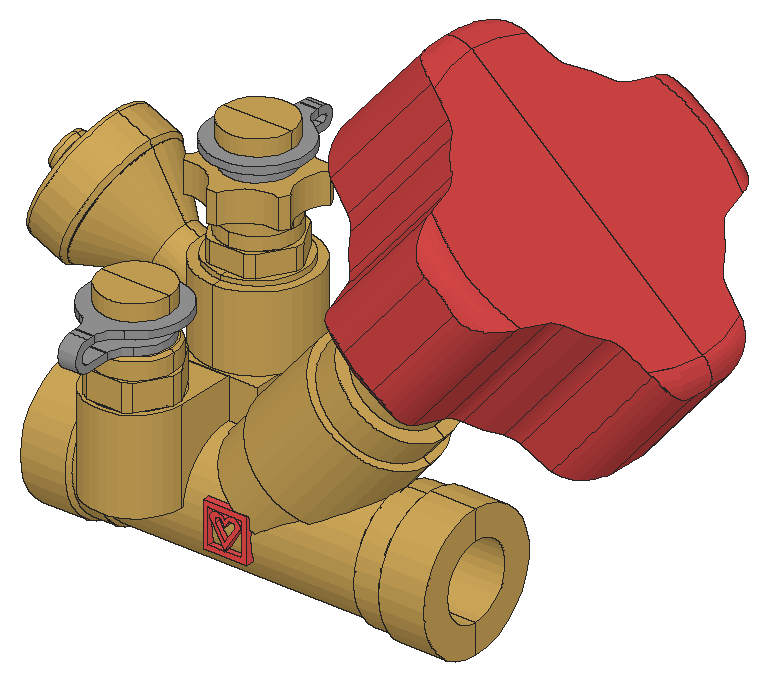
Revit family "HERZ Strömax Commissioning Valve With Integral Fixed orifice Plate 4017 ML (LF-MF)", category Rohrzubehör, Revit 2021
Family settings
  Bemaßung runder Anschluss = Durchmesser verwenden
  Teiletyp = Unterbricht
  OmniClass-Nummer = 23.65.55.14
  OmniClass-Titel = Valves for Liquid Services
  Arbeitsebenenbasiert = Nein
  Immer vertikal = Ja
  Beim Laden mit Abzugskörper schneiden = Nein
  Gemeinsam genutzt = Nein
Parameters (values of type "MF")
  kvs-value [instance] = if(and(Nennweite = 15.000 mm, LF), 0.46, if(and(Nennweite = 15.000 mm, MF), 0.88, 0))  # 0.88
  kv-value of orifice [instance] = if(and(Nennweite = 15.000 mm, LF), 0.48, if(and(Nennweite = 15.000 mm, MF), 0.97, 0))  # 0.97
  W01 = 50.00°  # constant formula
  Vorgabe-Ansicht = 0.000 mm
  URL = "www.herzvalves.com"
  SW01 = 60.00°  # constant formula
  SCRNSEQ = "ARM;ARM_TYP=\"STRV\";2"
  SCRNCODE = "05;07;02"  # constant formula
  S03 = 60.000 mm  # constant formula
  S02 [instance] = L04 + L06 + L07  # 76.800 mm
  S01 [instance] = D01 * 2  # 27.000 mm
  R03 = 21.500 mm  # constant formula
  R02 = 9.500 mm  # constant formula
  R01 = 12.000 mm  # constant formula
  Part number [instance] = if(and(Nennweite = 15.000 mm, LF), 1401730, if(and(Nennweite = 15.000 mm, MF), 1401739, 0))  # 1401739
  Model = "STRÖMAX 4017 ML, commissioning valve in Y pattern with an orifice plate and an connection for impulse line for differential pressure measurement, with test points:\r\nDZR brass, female threaded ends, non-rising stem sealed with Triple-O-Ring, presetting through stroke limiting, handwhell with presetting digital display."
  Medium = "Water purity in accordance with the OeNORM H5195 and VDI 2035 standards.\r\nEthylene and propylene glycol can be mixed to a ratio of 25 - 50 vol. %."
  Max. operating temperature = 130 °C  # constant formula
  Max. operating pressure = 2000000.0 Pa  # constant formula
  Max. differential pressure at closed valve = 1000000.0 Pa  # constant formula
  MF = yes
  LF = no
  L10 [instance] = size_lookup("4017_ML_", "L10", 1.000 mm, Nennweite)  # 28.500 mm
  L09 [instance] = size_lookup("4017_ML_", "L9", 1.000 mm, Nennweite)  # 22.500 mm
  L08 [instance] = size_lookup("4017_ML_", "L8", 1.000 mm, Nennweite)  # 12.700 mm
  L07 [instance] = size_lookup("4017_ML_", "L7", 1.000 mm, Nennweite)  # 35.100 mm
  L06 [instance] = size_lookup("4017_ML_", "L6", 1.000 mm, Nennweite)  # 6.500 mm
  L05 [instance] = size_lookup("4017_ML_", "L5", 1.000 mm, Nennweite)  # 20.200 mm
  L04 [instance] = size_lookup("4017_ML_", "L4", 1.000 mm, Nennweite)  # 35.200 mm
  L03 [instance] = size_lookup("4017_ML_", "L3", 1.000 mm, Nennweite)  # 1.000 mm
  H03 [instance] = H01 - 19.000 mm  # 1.000 mm
  H02 = 13.000 mm  # constant formula
  Field of application = "Can be used as isolating and commissioning valve."
  E01 [instance] = L00 / -2  # -41.500 mm
  E00 = 0.000 mm  # constant formula
  D09 [instance] = size_lookup("4017_ML_", "D9", 1.000 mm, Nennweite)  # 11.750 mm
  D08 [instance] = size_lookup("4017_ML_", "D8", 1.000 mm, Nennweite)  # 9.500 mm
  D07 [instance] = size_lookup("4017_ML_", "D7", 1.000 mm, Nennweite)  # 12.000 mm
  D06 [instance] = size_lookup("4017_ML_", "D6", 1.000 mm, Nennweite)  # 13.500 mm
  D05 [instance] = size_lookup("4017_ML_", "D5", 1.000 mm, Nennweite)  # 12.500 mm
  D04 [instance] = Nennweite / 2  # 7.500 mm
  IG [instance] = Nennweite / 2  # 7.500 mm
  D03 [instance] = size_lookup("4017_ML_", "D3", 1.000 mm, Nennweite)  # 11.900 mm
  D02 [instance] = size_lookup("4017_ML_", "D2", 1.000 mm, Nennweite)  # 12.700 mm
  D01 [instance] = size_lookup("4017_ML_", "D1", 1.000 mm, Nennweite)  # 13.500 mm
  Nennweite [instance] = 15.000 mm  # constant formula
  L02 [instance] = size_lookup("4017_ML_", "L2", 1.000 mm, Nennweite)  # 5.000 mm
  L01 [instance] = size_lookup("4017_ML_", "L1", 1.000 mm, Nennweite)  # 9.250 mm
  L00 [instance] = size_lookup("4017_ML_", "L", 1.000 mm, Nennweite)  # 83.000 mm
  Hersteller = "HERZ Armaturen Ges.m.b.H."  # constant formula
  H01 [instance] = size_lookup("4017_ML_", "H1", 1.000 mm, Nennweite)  # 20.000 mm
  GT [instance] = size_lookup("4017_ML_", "GT", 1.000 mm, Nennweite)  # 13.200 mm
  DN50 [instance] = Nennweite = 50.000 mm  # no
  DN40 [instance] = Nennweite = 40.000 mm  # no
  DN32 [instance] = Nennweite = 32.000 mm  # no
  DN25 [instance] = Nennweite = 25.000 mm  # no
  DN20 [instance] = Nennweite = 20.000 mm  # no
  DN15 [instance] = Nennweite = 15.000 mm  # yes
  Body = "DZR brass"  # constant formula
Types (3, lengths in mm): name | kvs-value | kv-value of orifice | Part number | MF | LF
  (no name) | 0.88 | 0.97 | 1401739 | yes | no
  LF | 0.46 | 0.48 | 1401730 | no | yes
  MF | 0.88 | 0.97 | 1401739 | yes | no
Reference planes
  plane 1 "Mitte (Vorne/hinten)": y = 0
  plane 2: z = 0
  plane 3 "Mitte (Links/rechts)": x = 0
Forms (mm)
  Revolve 1, solid, material "Messing, weicher Gelbton, geschweißt", detail levels fine
    sketch origin (470, 0, 0) x (1, 0, 0) y (0, 0, 1)
      loop
        line (-511.5, 7.5) -> (-498.3, 7.5) -> (-498.3, 0) -> (-441.7, 0) -> (-441.7, 7.5) -> (-428.5, 7.5) -> (-428.5, 13.5) -> (-437.75, 13.5) -> (-438.421, 12.7) -> (-443.421, 12.7) -> (-444.093, 11.9) -> (-495.907, 11.9) -> (-496.579, 12.7) -> (-501.579, 12.7) -> (-502.25, 13.5) -> (-511.5, 13.5) -> (-511.5, 7.5)
      axis (-511.5, 0) -> (-428.5, 0)
    angle from 0 to 360
  Revolve 2, solid, material "Messing, weicher Gelbton, geschweißt", detail levels fine
    sketch origin (0.32, 0, -0.105) x (1, 0, 0) y (0, 0, 1)
      loop
        line (-1.32, 0.105) -> (48.046, 58.937) -> (39.045, 66.49) -> (30.882, 56.761) -> (32.605, 55.315) -> (18.207, 38.155) -> (16.292, 39.762) -> (12.114, 34.783) -> (10.964, 35.747) -> (-2.02, 20.273) -> (-1.254, 19.63) -> (-7.652, 12.005) -> (-7.065, 4.926) -> (-1.32, 0.105)
      axis (-1.32, 0.105) -> (48.046, 58.937)
    angle from 0 to 360
  Extrusion 3, solid, material "Messing, weicher Gelbton, geschweißt", detail levels fine
    sketch origin (0, 0, 0) x (1, 0, 0) y (0, 1, 0)
      loop
        arc (-28.5, -12) -> (-19, -21.5) -> (-9.5, -12) r 9.5
        line (-9.5, -12) -> (-9.5, 0) -> (-28.5, 0) -> (-28.5, -12)
    from 1 <- "H03" to 20 <- "H01"
  Extrusion 4, solid, material "Messing, weicher Gelbton, geschweißt", detail levels fine
    sketch origin (0, 0, 0) x (1, 0, 0) y (0, 1, 0)
      loop
        line (-22.5, 12) -> (-22.5, 0) -> (-3.5, 0) -> (-3.5, 12)
        arc (-3.5, 12) -> (-13, 21.5) -> (-22.5, 12) r 9.5
    from 0 to 20 <- "H01"
  Extrusion 5, void
    sketch origin (0, 0, 0) x (1, 0, 0) y (0, 0, 1)
      loop
        line (55, 0) -> (80, 0) -> (80, 73) -> (55, 73) -> (55, 0)
    from 55 to -55
Cuts and joins
  Extrusion 5 cuts Revolve 2
Lines and regions (mm)
  model lines, detail levels coarse+medium
    curve 1: line (-41.5, 0, 13.5) -> (-41.5, 0, -13.5)
    curve 2: line (-41.5, 0, -13.5) -> (41.5, 0, 13.5)
    curve 3: line (41.5, 0, 13.5) -> (41.5, 0, -13.5)
    curve 4: line (41.5, 0, -13.5) -> (-41.5, 0, 13.5)
    curve 5: line (0, 0, 0) -> (38.4, 0, 66.511)
    curve 6: line (12.419, 0, 81.511) -> (64.381, 0, 51.511)
    curve 7: line (-41.5, -13.5, 0) -> (-41.5, 13.5, 0)
    curve 8: line (-41.5, 13.5, 0) -> (41.5, -13.5, 0)
    curve 9: line (41.5, -13.5, 0) -> (41.5, 13.5, 0)
    curve 10: line (41.5, 13.5, 0) -> (-41.5, -13.5, 0)
    curve 11: line (0, 0, 0) -> (38.4, 66.511, 0)
    curve 12: line (12.419, 81.511, 0) -> (64.381, 51.511, 0)
Dimensions and locks
  "L00": Revolve 1 sketch curve to Revolve 1 sketch curve
  equal spacing: Revolve 1 sketch curve, plane 3 "Mitte (Links/rechts)", Revolve 1 sketch curve
  "D01": Revolve 1 sketch curve to Revolve 1 sketch curve  (x2)
  "GT": Revolve 1 sketch curve to Revolve 1 sketch curve  (x2)
  "D06": Revolve 2 sketch curve to Revolve 2 sketch curve
  "D07": Revolve 2 sketch curve to Revolve 2 sketch curve
  "D08": Revolve 2 sketch curve to Revolve 2 sketch curve
  "D09": Revolve 2 sketch curve to Revolve 2 sketch curve
  equal spacing: curve 1, plane 3 "Mitte (Links/rechts)", curve 3
  "L00": curve 1 to curve 3
  equal spacing: curve 4, plane 2, curve 2
  "S01": curve 4 to curve 1
  "S01": curve 3 to curve 4
  equal spacing: curve 3, plane 2, curve 4
  "S02": curve 5 to curve 5
  equal spacing: curve 6, curve 5, curve 6
  "S03": curve 6 to curve 6
  equal spacing: curve 7, plane 3 "Mitte (Links/rechts)", curve 9
  "L00": curve 7 to curve 9
  equal spacing: curve 10, plane 1 "Mitte (Vorne/hinten)", curve 8
  "S01": curve 8 to curve 10
  equal spacing: curve 9, plane 1 "Mitte (Vorne/hinten)", curve 10
  "S01": curve 10 to curve 9
  "S02": curve 11 to curve 11
  equal spacing: curve 12, curve 11, curve 12
  "S03": curve 12 to curve 12
  "L01": Revolve 1 sketch curve to Revolve 1 sketch curve  (x2)
  "D02": Revolve 1 sketch curve to plane 2  (x2)
  "D03": Revolve 1 sketch curve to plane 2
  "IG": Revolve 1 sketch curve to plane 2  (x2)
  "L02": Revolve 1 sketch curve to Revolve 1 sketch curve  (x2)
  "L04": Revolve 2 sketch curve to Revolve 2 sketch curve
  "L05": Revolve 2 sketch curve to Revolve 2 sketch curve
  "D03": Revolve 2 sketch curve to plane 2
  "L06": Revolve 2 sketch curve to Revolve 2 sketch curve
  "L08": Revolve 2 sketch curve to Revolve 2 sketch curve
  "L07": Revolve 2 sketch curve to Revolve 2 sketch curve
  "D04": Revolve 2 sketch curve to Revolve 2 sketch curve
  "D05": Revolve 2 sketch curve to Revolve 2 sketch curve
  "L03": plane 3 "Mitte (Links/rechts)" to Revolve 2 sketch curve  (x2)
  "D03": nested 1 to plane 1 "Mitte (Vorne/hinten)"
  "L09": Revolve 1 to Extrusion 3 sketch curve
  "R01": Extrusion 3 sketch curve to plane 1 "Mitte (Vorne/hinten)"
  "R01": plane 1 "Mitte (Vorne/hinten)" to Extrusion 4 sketch curve
  "L10": Revolve 1 to Extrusion 4 sketch curve
  "H01": nested 2 to plane 2
  "R01": nested 2 to plane 1 "Mitte (Vorne/hinten)"
  "L09": Revolve 1 to nested 2
  Extrusion 5 sketch curve to plane 3 "Mitte (Links/rechts)" = 55.000 mm
  Extrusion 5 sketch curve to Extrusion 5 sketch curve = 25.000 mm
  Extrusion 5 sketch curve to plane 2 = 73.000 mm
  "L10": Revolve 1 to nested 4
  "R01": plane 1 "Mitte (Vorne/hinten)" to nested 4
  "H01": nested 4 to plane 2
  "R02": radius of Extrusion 3 sketch curve
  "R02": radius of Extrusion 4 sketch curve
  "W01": angle level to Revolve 2 sketch curve
  "SW01": angle plane 2 to curve 5
  "SW01": angle plane 1 "Mitte (Vorne/hinten)" to curve 11
  "W01": angle Revolve 1 sketch curve to Revolve 1 sketch curve  (x4)
  "W01": angle plane 2 to Revolve 2 sketch curve
  aligned and locked: level to plane 2
Automatic sketch dimensions
  Extrusion 5 sketch curve to level = 0.000 mm
  curve 5 to level = 0.000 mm
  plane 1 "Mitte (Vorne/hinten)" to curve 11 = 0.000 mm
  Revolve 1 sketch curve to level = 0.000 mm  (x2)
  Revolve 1 sketch curve to Revolve 1 sketch curve = 791.990 mm
  Revolve 1 sketch curve to Revolve 1 sketch curve = 2278.983 mm
  Revolve 2 sketch curve to level = 0.000 mm  (x2)
  plane 1 "Mitte (Vorne/hinten)" to Extrusion 3 sketch curve = 0.000 mm
  plane 1 "Mitte (Vorne/hinten)" to Extrusion 4 sketch curve = 0.000 mm
Nested families
  nested 1: "Herz-Logo-vorne" at (0, -11.9, 0) x (0, 1, 0) z (0, 0, 1), type "Herz-Logo-vorne", detail levels fine
  nested 2: "Messstutzen_Band_Eintritt_senkrecht_(oben)" at (-19, -12, 2.5) x (-1, 0, 0) z (0, 0, 1), type "Messstutzen_Band_Eintritt_senkrecht_(oben)", detail levels fine
    with Schutzkappe yes, Nennweite 0.000 mm, Gewicht 0.00 kg, Bestellnummer 0
  nested 3: "Strangregulierventil-Handrad (Rot) DN15-DN32" at (48.366, 0, 58.832), visible <- "DN15", type "Strangregulierventil-Handrad (Rot) DN15-DN32"
    with Nennweite 0.000 mm, Gewicht 0.00 kg, Bestellnummer 0
  nested 4: "Messstutzen_Band-KFE_Austritt_senkrecht_(oben)" at (-13, 12, 24.41), type "Messstutzen_Band-KFE_Austritt_senkrecht_(oben)", detail levels fine
    with Schutzkappe yes, Nennweite 0.000 mm, Gewicht 0.00 kg, Bestellnummer 0
Connectors
  piping at (-28.3, 0, 0), diameter 15, driven by "Nennweite"
    settings: on Revolve 1, index 1, connector inside diameter 609.6 mm, connector length 0.000 mm, flow factor 0, pipe flow 0.0 L/s, pressure drop 0.0 Pa, fitting loss kfactor 0, connector angle 0.00°, fixture units 0, engagement length 0.000 mm, angle of deflection 0.00°, flow configuration 0, flow direction 1, fitting loss method 0, system type 29, joint type 0, gender type 0, connector reference index -1, connector utility 0, adjustable connector no, is connector primary yes, connector description ""
  piping at (28.3, 0, 0), diameter 15, driven by "Nennweite"
    settings: on Revolve 1, index 2, connector inside diameter 609.6 mm, connector length 0.000 mm, flow factor 0, pipe flow 0.0 L/s, pressure drop 0.0 Pa, fitting loss kfactor 0, connector angle 0.00°, fixture units 0, engagement length 0.000 mm, angle of deflection 0.00°, flow configuration 0, flow direction 2, fitting loss method 0, system type 29, joint type 0, gender type 0, connector reference index -1, connector utility 0, adjustable connector no, is connector primary no, connector description ""
Definition of nested family "Herz-Logo-vorne"
  Parameters (values of type "Herz-Logo-vorne")
    Default Elevation = 0.000 mm
  Reference planes
    plane 1 "Mitte (Vorne/hinten)": y = 0
    plane 2: z = 0
    plane 3 "Mitte (Links/rechts)": x = 0
  Forms (mm)
    Extrusion 1, solid
      sketch origin (0.732, -0.018, 0.017) x (0, -1, 0) y (0, 0, 1)
        loop
          line (-0.018, -4.517) -> (4.482, -4.517) -> (4.482, 4.483) -> (-4.518, 4.483) -> (-4.518, -4.517) -> (-0.018, -4.517)
        loop
          line (-0.05, -3.48) -> (3.482, -3.48) -> (3.482, 3.483) -> (-3.518, 3.483) -> (-3.518, -3.48) -> (-0.05, -3.48)
        loop
          arc (-0.018, 2.383) -> (-1.543, 3.287) -> (-3.067, 2.383) r 1.738
          arc (-3.067, 2.383) -> (-3.191, 1.899) -> (-3.067, 1.415) r 1.009
          line (-3.067, 1.415) -> (-0.018, -3.281) -> (3.032, 1.415)
          arc (3.032, 1.415) -> (3.156, 1.899) -> (3.032, 2.383) r 1.009
          arc (3.032, 2.383) -> (1.507, 3.287) -> (-0.018, 2.383) r 1.738
        loop
          arc (1.885, 1.272) -> (2.005, 1.675) -> (1.885, 2.079) r 0.74
          arc (1.885, 2.079) -> (1.265, 2.416) -> (0.644, 2.079) r 0.74
          line (0.644, 2.079) -> (-0.018, 0.97) -> (-0.679, 2.079)
          arc (-0.679, 2.079) -> (-1.3, 2.416) -> (-1.921, 2.079) r 0.74
          arc (-1.921, 2.079) -> (-2.04, 1.675) -> (-1.921, 1.272) r 0.74
          line (-1.921, 1.272) -> (-0.018, -1.658) -> (1.885, 1.272)
      from 0 to 1.5
  Dimensions and locks
    aligned and locked: level to plane 2
Definition of nested family "Messstutzen_Band_Eintritt_senkrecht_(oben)"
  Parameters (values of type "Messstutzen_Band_Eintritt_senkrecht_(oben)")
    Default Elevation = 0.000 mm
    URL = "www.herz-armaturen.at"
    Schutzkappe [instance] = yes
    Nennweite [instance] = 0.000 mm
    Manufacturer = "Herz Armaturen GmbH"  # constant formula
    Gewicht [instance] = 0.00 kg
    Bestellnummer [instance] = 0
  Reference planes
    plane 1 "Mitte (Vorne/hinten)": y = 0
    plane 2: z = 0
    plane 3 "Mitte (Links/rechts)": x = 0
    plane 4 "Schlaufe 1": z = -27
    plane 5 "Schlaufe 2": z = -31.678
  Forms (mm)
    Revolve 1, solid, detail levels fine
      sketch origin (0, 0, 0) x (1, 0, 0) y (0, 0, 1)
        loop
          line (-7.4, 9) -> (-5.55, 9) -> (-5.55, 6)
          arc (-5.55, 6) -> (-5.626, 5.617) -> (-5.843, 5.293) r 1
          line (-5.843, 5.293) -> (-6.455, 4.681) -> (-6.455, 0.9) -> (-5.555, 0) -> (-2, 0) -> (-2, 17.5) -> (-8.4, 17.5)
          arc (-8.4, 17.5) -> (-7.693, 17.207) -> (-7.4, 16.5) r 1
          line (-7.4, 16.5) -> (-7.4, 9)
        loop
          line (-3.7, 27) -> (-7.3, 27) -> (-7.9, 26.4) -> (-7.9, 23) -> (-2, 23) -> (-2, 35.8) -> (-3.805, 35.8) -> (-4.415, 35.19) -> (-4.415, 30.863) -> (-3.7, 30.45) -> (-3.7, 27)
        axis (0, 0) -> (0, 35.8)
      angle from 0 to 360
    Extrusion 2, solid, detail levels fine
      sketch origin (0, 0, 17.5) x (0, 1, 0) y (-1, 0, 0)
        loop
          arc (-7.07, 5.156) -> (-7.578, 4.375) -> (-8, 3.544) r 8.75
          line (-8, 3.544) -> (-8, -3.544)
          arc (-8, -3.544) -> (-7.578, -4.375) -> (-7.07, -5.156) r 8.75
          line (-7.07, -5.156) -> (-0.93, -8.7)
          arc (-0.93, -8.7) -> (0, -8.75) -> (0.93, -8.7) r 8.75
          line (0.93, -8.7) -> (7.07, -5.156)
          arc (7.07, -5.156) -> (7.578, -4.375) -> (8, -3.544) r 8.75
          line (8, -3.544) -> (8, 3.544)
          arc (8, 3.544) -> (7.578, 4.375) -> (7.07, 5.156) r 8.75
          line (7.07, 5.156) -> (0.93, 8.7)
          arc (0.93, 8.7) -> (0, 8.75) -> (-0.93, 8.7) r 8.75
          line (-0.93, 8.7) -> (-7.07, 5.156)
      from 0 to 5.5
    Revolve 3, solid, visible <- "Schutzkappe", detail levels fine
      sketch origin (0, 0, 0) x (1, 0, 0) y (0, 0, 1)
        loop
          line (0, 35.878) -> (0, 36.678) -> (-7, 36.678) -> (-7, 33.378) -> (-6.1, 33.378) -> (-6.1, 31.678) -> (-6.9, 31.678) -> (-6.9, 30.178) -> (-4.415, 30.178) -> (-4.415, 35.268) -> (-3.805, 35.878) -> (0, 35.878)
        axis (0, 30.178) -> (0, 36.678)
      angle from 0 to 360
    Extrusion 4, solid, detail levels fine
      sketch origin (0, 0, 28.5) x (1, 0, 0) y (0, 1, 0)
        loop
          circle (0, 0) r 3.7
        loop
          arc (-3.906, 5.505) -> (0, -6.75) -> (3.906, 5.505) r 6.75
          arc (3.906, 5.505) -> (2.358, 7.288) -> (1.8, 9.582) r 5
          line (1.8, 9.582) -> (-1.8, 9.582)
          arc (-1.8, 9.582) -> (-2.358, 7.288) -> (-3.906, 5.505) r 5
      from 0 to -1.5
    Extrusion 5, solid, detail levels fine
      sketch origin (0, 0, 33.178) x (1, 0, 0) y (0, 1, 0)
        loop
          circle (0, 0) r 6.1
        loop
          arc (-4.495, 8.652) -> (0, -9.75) -> (4.495, 8.652) r 9.75
          arc (4.495, 8.652) -> (2.527, 10.493) -> (1.8, 13.089) r 5
          line (1.8, 13.089) -> (-1.8, 13.089)
          arc (-1.8, 13.089) -> (-2.527, 10.493) -> (-4.495, 8.652) r 5
      from 0 to -1.5
    Sweep 6, solid, detail levels fine
      path origin (0, 0, 0) x (0, 0, -1) y (0, -1, 0)
        loop
          line (-27.75, -9.582) -> (-27.75, -14.522)
          arc (-27.75, -14.522) -> (-30.089, -16.862) -> (-32.428, -14.522) r 2.339
          line (-32.428, -14.522) -> (-32.428, -13.089)
      profile origin (0, 12.052, 27.75) x (0, 0, 1) y (1, 0, 0)
        loop
          line (-0.75, -1.8) -> (0.75, -1.8) -> (0.75, 1.8) -> (-0.75, 1.8) -> (-0.75, -1.8)
  Dimensions and locks
    aligned and locked: level to plane 2
Definition of nested family "Strangregulierventil-Handrad (Rot) DN15-DN32"
  Parameters (values of type "Strangregulierventil-Handrad (Rot) DN15-DN32")
    Default Elevation = 0.000 mm
    URL = "www.herz-armaturen.at"
    Nennweite [instance] = 0.000 mm
    Manufacturer = "Herz Armaturen GmbH"  # constant formula
    Gewicht [instance] = 0.00 kg
    Bestellnummer [instance] = 0
  Reference planes
    plane 1 "Mitte (Vorne/hinten)": y = 0
    plane 2: z = 0
    plane 3 "Mitte (Links/rechts)": x = 0
  Forms (mm)
    Revolve 1, solid, detail levels fine
      sketch origin (0, 0, 0) x (0.766044, 0, -0.642788) y (0.642788, 0, 0.766044)
        loop
          line (0, 0) -> (0, 24.95) -> (-30.992, 24.95)
          arc (-30.992, 24.95) -> (-34.37, 23.636) -> (-35.973, 20.386) r 5
          line (-35.973, 20.386) -> (-37, 8.65) -> (-35.986, -2.936)
          arc (-35.986, -2.936) -> (-34.383, -6.186) -> (-31.005, -7.5) r 5
          line (-31.005, -7.5) -> (-15, -7.5) -> (-15, 0) -> (0, 0)
        axis (0, 24.95) -> (0, -7.5)
      angle from 0 to 360
    Extrusion 2, void
      sketch origin (13.049, 0, 15.551) x (0.766044, 0, -0.642788) y (0, 1, 0)
        loop
          line (3.861, 35.5) -> (-3.861, 35.5)
          arc (-3.861, 35.5) -> (-8.731, 33.847) -> (-11.589, 29.571) r 8
          line (-11.589, 29.571) -> (-13.284, 23.245)
          arc (-13.284, 23.245) -> (-13.982, 21.722) -> (-15.144, 20.516) r 5
          arc (-15.144, 20.516) -> (-18.031, 18.031) -> (-20.516, 15.144) r 25.5
          arc (-20.516, 15.144) -> (-21.722, 13.982) -> (-23.245, 13.284) r 5
          line (-23.245, 13.284) -> (-29.571, 11.589)
          arc (-29.571, 11.589) -> (-33.847, 8.731) -> (-35.5, 3.861) r 8
          line (-35.5, 3.861) -> (-35.5, -3.861)
          arc (-35.5, -3.861) -> (-33.847, -8.731) -> (-29.571, -11.589) r 8
          line (-29.571, -11.589) -> (-23.245, -13.284)
          arc (-23.245, -13.284) -> (-21.722, -13.982) -> (-20.516, -15.144) r 5
          arc (-20.516, -15.144) -> (-18.031, -18.031) -> (-15.144, -20.516) r 25.5
          arc (-15.144, -20.516) -> (-13.982, -21.722) -> (-13.284, -23.245) r 5
          line (-13.284, -23.245) -> (-11.589, -29.571)
          arc (-11.589, -29.571) -> (-8.731, -33.847) -> (-3.861, -35.5) r 8
          line (-3.861, -35.5) -> (3.861, -35.5)
          arc (3.861, -35.5) -> (8.731, -33.847) -> (11.589, -29.571) r 8
          line (11.589, -29.571) -> (13.284, -23.245)
          arc (13.284, -23.245) -> (13.982, -21.722) -> (15.144, -20.516) r 5
          arc (15.144, -20.516) -> (18.031, -18.031) -> (20.516, -15.144) r 25.5
          arc (20.516, -15.144) -> (21.722, -13.982) -> (23.245, -13.284) r 5
          line (23.245, -13.284) -> (29.571, -11.589)
          arc (29.571, -11.589) -> (33.847, -8.731) -> (35.5, -3.861) r 8
          line (35.5, -3.861) -> (35.5, 3.861)
          arc (35.5, 3.861) -> (33.847, 8.731) -> (29.571, 11.589) r 8
          line (29.571, 11.589) -> (23.245, 13.284)
          arc (23.245, 13.284) -> (21.722, 13.982) -> (20.516, 15.144) r 5
          arc (20.516, 15.144) -> (18.031, 18.031) -> (15.144, 20.516) r 25.5
          arc (15.144, 20.516) -> (13.982, 21.722) -> (13.284, 23.245) r 5
          line (13.284, 23.245) -> (11.589, 29.571)
          arc (11.589, 29.571) -> (8.731, 33.847) -> (3.861, 35.5) r 8
        loop
          circle (0, 0) r 38
      from -31.266 to 7.923
  Cuts and joins
    Extrusion 2 cuts Revolve 1
  Dimensions and locks
    Revolve 1 sketch curve to Revolve 1 sketch curve = 15.000 mm
    Revolve 1 sketch curve to Revolve 1 sketch curve = 16.150 mm
    Revolve 1 sketch curve to Revolve 1 sketch curve = 16.300 mm
    angle Revolve 1 sketch curve to Revolve 1 sketch curve = 95.00°
    aligned and locked: level to plane 2
Definition of nested family "Messstutzen_Band-KFE_Austritt_senkrecht_(oben)"
  Parameters (values of type "Messstutzen_Band-KFE_Austritt_senkrecht_(oben)")
    Default Elevation = 0.000 mm
    URL = "www.herz-armaturen.at"
    Schutzkappe [instance] = yes
    Nennweite [instance] = 0.000 mm
    Manufacturer = "Herz Armaturen GmbH"  # constant formula
    Gewicht [instance] = 0.00 kg
    Bestellnummer [instance] = 0
  Reference planes
    plane 1 "Mitte (Vorne/hinten)": y = 0
    plane 2: z = 0
    plane 3 "Mitte (Links/rechts)": x = 0
  Forms (mm)
    Revolve 1, solid, detail levels fine
      sketch origin (0, 0, 0) x (1, 0, 0) y (0, 0, 1)
        loop
          line (-7.4, 9) -> (-5.55, 9) -> (-5.55, 6)
          arc (-5.55, 6) -> (-5.626, 5.617) -> (-5.843, 5.293) r 1
          line (-5.843, 5.293) -> (-6.455, 4.681) -> (-6.455, 0.9) -> (-5.555, 0) -> (-2, 0) -> (-2, 23) -> (-2, 35.8) -> (-3.805, 35.8) -> (-4.415, 35.19) -> (-4.415, 30.863) -> (-3.7, 30.45) -> (-3.7, 27) -> (-7.4, 27) -> (-7.4, 9)
        axis (0, 0) -> (0, 35.8)
      angle from 0 to 360
    Extrusion 2, solid, detail levels fine
      sketch origin (0, 0, 17.5) x (0, 1, 0) y (-1, 0, 0)
        loop
          arc (-7.07, 5.156) -> (-7.578, 4.375) -> (-8, 3.544) r 8.75
          line (-8, 3.544) -> (-8, -3.544)
          arc (-8, -3.544) -> (-7.578, -4.375) -> (-7.07, -5.156) r 8.75
          line (-7.07, -5.156) -> (-0.93, -8.7)
          arc (-0.93, -8.7) -> (0, -8.75) -> (0.93, -8.7) r 8.75
          line (0.93, -8.7) -> (7.07, -5.156)
          arc (7.07, -5.156) -> (7.578, -4.375) -> (8, -3.544) r 8.75
          line (8, -3.544) -> (8, 3.544)
          arc (8, 3.544) -> (7.578, 4.375) -> (7.07, 5.156) r 8.75
          line (7.07, 5.156) -> (0.93, 8.7)
          arc (0.93, 8.7) -> (0, 8.75) -> (-0.93, 8.7) r 8.75
          line (-0.93, 8.7) -> (-7.07, 5.156)
      from -5.51 to -1.21
    Revolve 3, solid, visible <- "Schutzkappe", detail levels fine
      sketch origin (0, 0, 0) x (1, 0, 0) y (0, 0, 1)
        loop
          line (0, 35.878) -> (0, 36.678) -> (-7, 36.678) -> (-7, 33.378) -> (-6.1, 33.378) -> (-6.1, 31.678) -> (-6.9, 31.678) -> (-6.9, 30.178) -> (-4.415, 30.178) -> (-4.415, 35.268) -> (-3.805, 35.878) -> (0, 35.878)
        axis (0, 30.178) -> (0, 36.678)
      angle from 0 to 360
    Extrusion 4, solid, detail levels fine
      sketch origin (0, 0, 30) x (1, 0, 0) y (0, 1, 0)
        loop
          circle (0, 0) r 3.7
        loop
          arc (-3.906, 5.505) -> (0, -6.75) -> (3.906, 5.505) r 6.75
          arc (3.906, 5.505) -> (2.358, 7.288) -> (1.8, 9.582) r 5
          line (1.8, 9.582) -> (-1.8, 9.582)
          arc (-1.8, 9.582) -> (-2.358, 7.288) -> (-3.906, 5.505) r 5
      from 0 to -1.5
    Extrusion 5, solid, detail levels fine
      sketch origin (0, 0, 33.178) x (1, 0, 0) y (0, 1, 0)
        loop
          circle (0, 0) r 6.1
        loop
          arc (-4.495, 8.652) -> (0, -9.75) -> (4.495, 8.652) r 9.75
          arc (4.495, 8.652) -> (2.527, 10.493) -> (1.8, 13.089) r 5
          line (1.8, 13.089) -> (-1.8, 13.089)
          arc (-1.8, 13.089) -> (-2.527, 10.493) -> (-4.495, 8.652) r 5
      from 0 to -1.5
    Sweep 6, solid, detail levels fine
      path origin (0, 0, 0) x (0, 0, -1) y (0, -1, 0)
        loop
          line (-29.25, -9.582) -> (-29.25, -14.522)
          arc (-29.25, -14.522) -> (-30.839, -16.112) -> (-32.428, -14.522) r 1.589
          line (-32.428, -14.522) -> (-32.428, -13.089)
      profile origin (0, 12.052, 29.25) x (0, 0, 1) y (1, 0, 0)
        loop
          line (-0.75, -1.8) -> (0.75, -1.8) -> (0.75, 1.8) -> (-0.75, 1.8) -> (-0.75, -1.8)
    Extrusion 7, solid, detail levels fine
      sketch origin (-101.196, 0, 0) x (1, 0, 0) y (0, 1, 0)
        loop
          arc (112.053, 5.113) -> (111.589, 6) -> (111.053, 6.845) r 12
          arc (111.053, 6.845) -> (105.696, 7.794) -> (102.196, 11.958) r 7.971
          arc (102.196, 11.958) -> (101.196, 12) -> (100.196, 11.958) r 12
          arc (100.196, 11.958) -> (96.696, 7.794) -> (91.34, 6.845) r 7.971
          arc (91.34, 6.845) -> (90.804, 6) -> (90.34, 5.113) r 12
          arc (90.34, 5.113) -> (92.196, 0) -> (90.34, -5.113) r 7.971
          arc (90.34, -5.113) -> (90.804, -6) -> (91.34, -6.845) r 12
          arc (91.34, -6.845) -> (96.696, -7.794) -> (100.196, -11.958) r 7.971
          arc (100.196, -11.958) -> (101.196, -12) -> (102.196, -11.958) r 12
          arc (102.196, -11.958) -> (105.696, -7.794) -> (111.053, -6.845) r 7.971
          arc (111.053, -6.845) -> (111.589, -6) -> (112.053, -5.113) r 12
          arc (112.053, -5.113) -> (110.196, 0) -> (112.053, 5.113) r 7.971
      from 22.3 to 28.5
    Revolve 8, solid, detail levels fine
      sketch origin (0, 43.374, -20) x (0, 1, 0) y (0, 0, 1)
        loop
          line (-43.374, 0) -> (-37.874, 0) -> (-36.774, 1.1) -> (-36.774, 4.9) -> (-37.874, 6) -> (-37.874, 8.4) -> (-36.424, 8.4) -> (-36.424, 9.2) -> (-34.424, 9.2) -> (-34.424, 15.59) -> (-31.874, 15.59) -> (-31.874, 30.99) -> (-33.874, 30.99) -> (-33.874, 31.99) -> (-43.374, 31.99) -> (-43.374, 0)
        loop
          line (-43.374, 39) -> (-43.374, 36.29) -> (-35.874, 36.29) -> (-35.874, 39) -> (-43.374, 39)
        axis (-43.374, 39) -> (-43.374, 0)
      angle from 0 to 360
    Revolve 9, solid, detail levels fine
      sketch origin (0, 0, 0) x (-1, 0, 0) y (0, 0, 1)
        loop
          line (0, -1.01) -> (32.627, 14.204) -> (27.556, 25.08) -> (25.934, 25.67) -> (21.602, 23.65) -> (14.873, 11.994) -> (-2.324, 3.975) -> (0, -1.01)
        axis (32.627, 14.204) -> (0, -1.01)
      angle from 0 to 360
    Revolve 10, solid, detail levels fine
      sketch origin (-51.188, 0, -39.797) x (-0.422618, 0, -0.906308) y (-0.906308, 0, 0.422618)
        loop
          line (-56.786, 8) -> (-45.747, 8) -> (-45.747, 0) -> (-43.834, 0) -> (-42.786, 1.048) -> (-42.786, 8.048)
          arc (-42.786, 8.048) -> (-43.065, 8.721) -> (-43.738, 9) r 0.952
          line (-43.738, 9) -> (-52.974, 9)
          arc (-52.974, 9) -> (-53.548, 9.238) -> (-53.786, 9.812) r 0.812
          line (-53.786, 9.812) -> (-53.786, 12) -> (-52.786, 12) -> (-52.786, 13.03)
          arc (-52.786, 13.03) -> (-53.07, 13.716) -> (-53.756, 14) r 0.97
          line (-53.756, 14) -> (-56.786, 14) -> (-56.786, 8)
        axis (-56.786, 14) -> (-56.786, 0)
      angle from 0 to 360
  Dimensions and locks
    aligned and locked: level to plane 2
